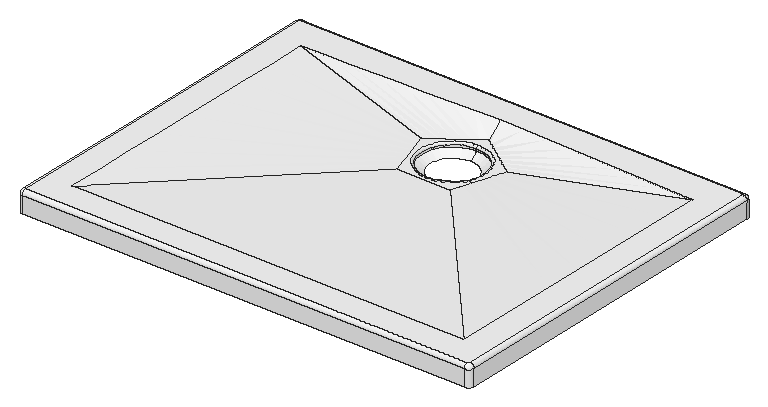
Revit family "IS_UltraFlat_K1934_BIM_DE", category Plumbing Fixtures, host Face, Revit 2016
Family settings
  Host = Face
  Part Type = Normal
  Round Connector Dimension = Use Diameter
  OmniClass Number = 23.45.05.14.17.11
  OmniClass Title = Shower Compartments
  Cut with Voids When Loaded = No
  Shared = No
  Room Calculation Point = No
Parameters (values of type "K193401 - ULTRA FLAT rectangular shower tray 900x700mm")
  WarrantyStartDate = "n/a"
  WarrantyGuarantorParts = "n/a"
  WarrantyGuarantorLabor = "n/a"
  WarrantyDurationUnit = "n/a"
  WarrantyDurationParts = "n/a"
  WarrantyDurationLabor = "n/a"
  WarrantyDescription = "n/a"
  WFU = 0
  VolumeUnits = "Litres"
  Version = "1"
  Uniclass2015Version = "Products v1.1"
  Uniclass2015Title = "Shower trays"
  Uniclass2015Code = "Pr_40_20_06_84"
  URL = "www.idealstandard.de"
  Type Comments = "n/a"
  TagNumber = "n/a"
  SustainabilityPerformance = "n/a"
  Space = "Internal"
  Size = "900 x 700 x 40 mm"
  Shape = "Rectangular"
  SerialNumber = "n/a"
  ReplacementCost = "n/a"
  ProductInformation = "www.idealstandard.de"
  PredefinedType = "n/a"
  Phone = "+49228 5210"
  NominalWidth = 900 mm
  NominalLength = 700 mm
  NominalHeight = 40 mm
  NominalDepth = 0 mm
  Name = "ISI_IdealStandard_Showers_ULTRA FLAT_K193401"
  ModelReference = "IS Rechteck-Brausewanne ULTRA FLAT, 900x700x47mm, Weiß"
  ModelNumber = "K193401"
  Model = "K193401"
  Material = "Sanitary Brass"
  ManufacturerURL = "www.idealstandard.de"
  Manufacturer = "idealstandard.de@idealstandard.com"
  LinearUnits = "millimeters"
  Keynote = ""
  InstallationInstructions = "www.idealstandard.de\\produkte"
  InstallationDate = "1900-12-31T23:59:59"
  Help = "idealstandard.de@idealstandard.com"
  HWFU = 0
  GrossWeight = "18 kg"
  Grade = "n/a"
  Finish = "White"
  Features = "ULTRA FLAT rectangular shower tray 900x700mm"
  ExpectedLife = "25"
  DurationUnit = "year"
  DistributedBy = "n/a"
  Description = "Ultra flat sht 90x70 rect. white"
  Default Elevation = 0 mm
  CurrencyUnit = "€"
  CreatedOn = "42774"
  Cost = 0
  Constituents = "n/a"
  ConnectionType = "Plumbing"
  Color = "White"
  CodePerformance = "DIN EN 14527, DIN EN 249"
  CWFU = 0
  Brand = "Ideal Standard"
  BarCode = "4015413025812"
  BIMObjectName = "ISI_IdealStandard_Showers_ULTRA FLAT_K193401"
  Author = "Ideal Standard"
  AssetType = "Fixed"
  AssetIdentifier = "n/a"
  Assembly Code = "C1030200"
  AreaUnits = "millimeters"
  AreaMeasurement = "n/a"
  Accessories = "www.idealstandard.de\\ersatzteile"
  AccessibilityPerformance = "n/a"
Types (2, lengths in mm): name | Name | ModelReference | ModelNumber | Model | BarCode | BIMObjectName
  K193401 - ULTRA FLAT rectangular shower tray 900x700mm | "ISI_IdealStandard_Showers_ULTRA FLAT_K193401" | "IS Rechteck-Brausewanne ULTRA FLAT, 900x700x47mm, Weiß" | "K193401" | "K193401" | "4015413025812" | "ISI_IdealStandard_Showers_ULTRA FLAT_K193401"
  K1934YK - ULTRA FLAT rectangular shower tray 900x700mm | "ISI_IdealStandard_Showers_ULTRA FLAT_K1934YK" | "IS Rechteck-Brausewanne ULTRA FLAT, 900x700x47mm, Weiß mit Ideal Grip" | "K1934YK" | "K1934YK" | "4015413033114" | "ISI_IdealStandard_Showers_ULTRA FLAT_K1934YK"
Reference planes
  plane 1 "Center (Front/Back)": y = 0
  plane 2: z = 0
  plane 3 "Center (Left/Right)": x = 0
  plane 4: y = -700
  plane 5: x = 450
  plane 6: x = -450
  plane 7: x = -390
  plane 8: y = -60
  plane 9: x = 390
  plane 10: y = -640
  plane 11: y = -180
  plane 12: z = 40
  plane 13: z = 19
Forms (mm)
  Extrusion 1, solid, material "IS_RenderMaterial_VitreousChina"
    sketch origin (0, 0, 40) x (0, 1, 0) y (-1, 0, 0)
      loop
        line (-700, 440) -> (-700, -440)
        arc (-700, -440) -> (-697.071, -447.071) -> (-690, -450) r 10
        line (-690, -450) -> (-10, -450)
        arc (-10, -450) -> (-2.929, -447.071) -> (0, -440) r 10
        line (0, -440) -> (0, 440)
        arc (0, 440) -> (-2.929, 447.071) -> (-10, 450) r 10
        line (-10, 450) -> (-690, 450)
        arc (-690, 450) -> (-697.071, 447.071) -> (-700, 440) r 10
    from 0 to -40
  Sweep 2, void
    path in 3D
      loop
        line (440, -700, 40) -> (-440, -700, 40)
        arc (-440, -700, 40) -> (-447.071, -697.071, 40) -> (-450, -690, 40) r 10
        line (-450, -690, 40) -> (-450, -10, 40)
        arc (-450, -10, 40) -> (-447.071, -2.929, 40) -> (-440, 0, 40) r 10
        line (-440, 0, 40) -> (440, 0, 40)
        arc (440, 0, 40) -> (447.071, -2.929, 40) -> (450, -10, 40) r 10
        line (450, -10, 40) -> (450, -690, 40)
        arc (450, -690, 40) -> (447.071, -697.071, 40) -> (440, -700, 40) r 10
    profile origin (447.071, -697.071, 40) x (0.707107, -0.707107, 0) y (0, 0, 1)
      loop
        arc (-8, 0) -> (-2.343, -2.343) -> (0, -8) r 8
        line (0, -8) -> (0, 0) -> (-8, 0)
  Blend 3, void
    base sketch origin (0, 0, 40) x (-1, 0, 0) y (0, -1, 0)
      loop
        line (390, 640) -> (-390, 640) -> (-390, 70) -> (0, 60) -> (390, 70) -> (390, 640)
    top sketch origin (0, 0, 40) x (-1, 0, 0) y (0, -1, 0)
      loop
        line (0, 90) -> (85.595, 152.188) -> (52.901, 252.812) -> (-52.901, 252.812) -> (-85.595, 152.188) -> (0, 90)
    from 0 to -21
  Revolve 4, void
    sketch origin (0, 0, 0) x (0, 1, 0) y (0, 0, 1)
      loop
        line (-180, 19) -> (-244.966, 19)
        arc (-244.966, 19) -> (-242.137, 17.828) -> (-240.966, 15) r 4
        line (-240.966, 15) -> (-240.966, 11.179) -> (-225, 0) -> (-180, 0) -> (-180, 19)
      loop
        line (-260.913, 0) -> (-231.018, 0) -> (-240.966, 6.965) -> (-250.966, 6.965) -> (-260.913, 0)
      axis (-180, 19) -> (-180, 0)
    angle from 0 to 360
Cuts and joins
  Sweep 2, Blend 3, Revolve 4 cuts Extrusion 1
Lines and regions (mm)
  sketch lines
    curve 1: arc (450, -690, 40) -> (447.071, -697.071, 40) -> (440, -700, 40) r 10
    curve 2: line (-440, -700, 40) -> (440, -700, 40)
    curve 3: arc (-440, -700, 40) -> (-447.071, -697.071, 40) -> (-450, -690, 40) r 10
    curve 4: line (-450, -10, 40) -> (-450, -690, 40)
    curve 5: arc (-450, -10, 40) -> (-447.071, -2.929, 40) -> (-440, 0, 40) r 10
    curve 6: line (440, 0, 40) -> (-440, 0, 40)
    curve 7: arc (440, 0, 40) -> (447.071, -2.929, 40) -> (450, -10, 40) r 10
    curve 8: line (450, -690, 40) -> (450, -10, 40)
Dimensions and locks
  "NominalWidth": plane 6 to plane 5
  "NominalLength": plane 1 "Center (Front/Back)" to plane 4
  "NominalHeight": plane 12 to host face
  aligned and locked: plane 2 to host face
  aligned and locked: level to host face
  aligned and locked: Extrusion 1 sketch curve to plane 4
  aligned and locked: plane 6 to Extrusion 1 sketch curve
  aligned and locked: Extrusion 1 sketch curve to plane 1 "Center (Front/Back)"
  aligned and locked: plane 5 to Extrusion 1 sketch curve
  aligned and locked: Extrusion 1 to level
  aligned and locked: Blend 3 sketch curve to plane 10
  aligned and locked: plane 7 to Blend 3 sketch curve
  aligned and locked: Blend 3 sketch curve to plane 9
  aligned and locked: Blend 3 to plane 13
Automatic sketch dimensions
  host sketch curve to host sketch curve = 2438.4 mm  (x2)
  plane 4 to Extrusion 1 sketch curve = 10 mm
  Extrusion 1 sketch curve to Extrusion 1 sketch curve = 10 mm  (x2)
  plane 1 "Center (Front/Back)" to Extrusion 1 sketch curve = 10 mm
  Sweep 2 sketch curve to profile plane = 0 mm  (x2)
  profile plane to Sweep 2 sketch curve = 8 mm
  Blend 3 sketch curve to plane 3 "Center (Left/Right)" = 0 mm  (x2)
  Blend 3 sketch curve to plane 8 = 0 mm
  Blend 3 sketch curve to plane 8 = 10 mm  (x2)
  plane 3 "Center (Left/Right)" to Blend 3 sketch curve = 52.901 mm
  plane 11 to Blend 3 sketch curve = 27.812 mm  (x2)
  plane 3 "Center (Left/Right)" to Blend 3 sketch curve = 85.595 mm
  Blend 3 sketch curve to plane 3 "Center (Left/Right)" = 52.901 mm
  Blend 3 sketch curve to plane 3 "Center (Left/Right)" = 85.595 mm
  Blend 3 sketch curve to plane 8 = 30 mm
  Blend 3 sketch curve to plane 11 = 72.812 mm
  Revolve 4 sketch curve to level = 0 mm  (x2)
  plane 13 to Revolve 4 sketch curve = 0 mm
  Revolve 4 sketch curve to plane 11 = 0 mm  (x2)
  Revolve 4 sketch curve to Revolve 4 sketch curve = 45 mm
  Revolve 4 sketch curve to Revolve 4 sketch curve = 6.018 mm
  Revolve 4 sketch curve to Revolve 4 sketch curve = 9.947 mm  (x2)
  Revolve 4 sketch curve to plane 13 = 7.821 mm
  Revolve 4 sketch curve to Revolve 4 sketch curve = 0 mm
  Revolve 4 sketch curve to Revolve 4 sketch curve = 4 mm
  Revolve 4 sketch curve to Revolve 4 sketch curve = 10 mm  (x2)
  Revolve 4 sketch curve to Revolve 4 sketch curve = 4.214 mm
  Revolve 4 sketch curve to level = 16 mm
Connectors
  piping at (0, -180, 0), diameter 90
    settings: on cut or joined group of Extrusion 1, Sweep 2, Blend 3, Revolve 4, index 1, connector inside diameter 609.6 mm, connector length 0 mm, flow factor 0, pipe flow 0.0 L/s, pressure drop 0.0 Pa, fitting loss kfactor 0, connector angle 0.00°, fixture units 0, engagement length 0 mm, angle of deflection 0.00°, flow configuration 2, flow direction 2, fitting loss method 0, system type 16, joint type 0, gender type 0, connector reference index -1, connector utility 0, adjustable connector no, is connector primary yes, connector description ""
